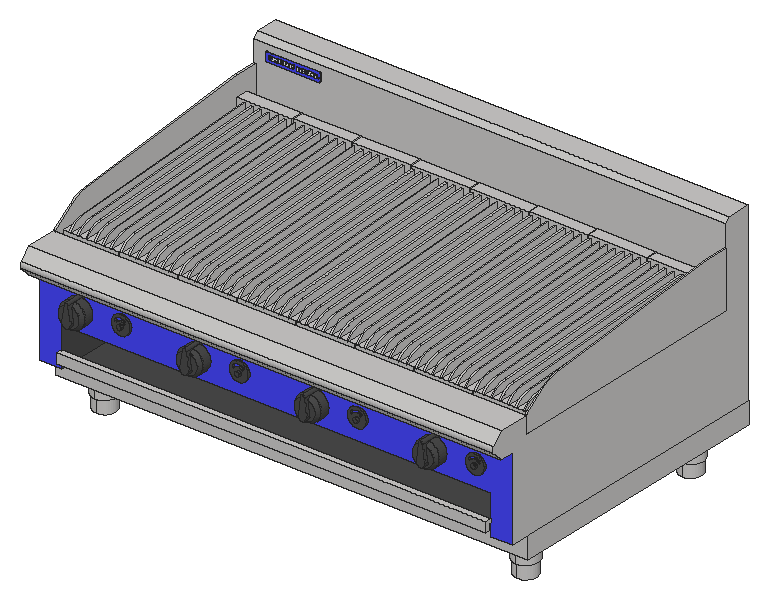
Revit family "QF_MOFFAT_BLUESEAL_CE_G598-B", category Specialty Equipment, Revit 2012
Parameters
  Weight in Pounds = 499  # constant formula
  URL Cutsheet = "www.moffat.com"
  URL = "www.moffat.com"
  Type Mark [instance] = ""
  Status [instance] = ""
  Specification by User [instance] = ""
  Specification by Manufacturer = ""
  Show Logo [instance] = yes
  Show Casters [instance] = yes
  Serial Number = ""
  Seismic Rating = ""
  SMACNA No = ""
  Revision Code [instance] = ""
  Omniclass Number and Title = ""
  NAFEM Spec ID Number = ""
  Model = "G598-B"
  Mechanical Remarks [instance] = ""
  Mechanical Connection Type [instance] = ""
  Masterspec = ""
  Manufacturer = "MOFFAT BLUESEAL"
  Legs [instance] = not(Show Casters)  # no
  Item Number [instance] = ""
  Installed By [instance] = ""
  Identify Quantity as Lot [instance] = yes
  Gas Size = 3/4"
  Gas RI Height [instance] = 0 mm
  Gas KW [instance] = 39.5
  Gas Input [instance] = 134700.0 Btu/h
  Gas Connection Height = 0 mm
  Furnished By [instance] = ""
  Foodservice Equipment Identifier [instance] = yes
  Description = "1200MM GAS CHARGRILL BENCH MOUNT"
  CSI MasterFormat = ""
  CSI Master Format = ""
  Body Finish = QF_Finishes_Stainless Steel
Reference planes
  plane 1 "BACK": y = 0
  plane 2: z = 0
  plane 3 "LEFT": x = 0
  plane 4 "RIGHT": x = 1200
  plane 5 "FRONT": y = -812
  plane 6 "TOP": z = 972
  plane 7 "Center Y": x = 600
  plane 8 "Center X": y = -406
  plane 9: y = -100
  plane 10: y = -625
  plane 11: z = 585
  plane 12: x = 65.5
  plane 13: x = 1134.5
Forms (mm)
  Extrusion 1, solid, material "QF_Finishes_Stainless Steel" <- "Body Finish"
    sketch origin (0, 0, -500) x (0, 1, 0) y (0, 0, 1)
      loop
        line (0, 640) -> (0, 1085) -> (-57.5, 1085) -> (-70, 1072.5) -> (-70, 875) -> (-705, 875) -> (-705, 915) -> (-783.97, 915) -> (-808.485, 890.485)
        arc (-808.485, 890.485) -> (-811.999, 882) -> (-808.485, 873.515) r 12
        line (-808.485, 873.515) -> (-784.97, 850) -> (-749, 850) -> (-749, 640) -> (0, 640)
      loop
        line (0, 585) -> (0, 639.206) -> (-699, 639.206) -> (-699, 585) -> (0, 585)
    from 0 to 1200
  Extrusion 2, solid, material "QF_Finishes_Stainless Steel" <- "Body Finish"
    sketch origin (0, 0, -342.612) x (0, 1, 0) y (0, 0, 1)
      loop
        line (-70, 717) -> (-70, 860.112) -> (-127.045, 860.112) -> (-604.53, 814.135)
        arc (-604.53, 814.135) -> (-629.557, 808.415) -> (-652.303, 796.511) r 100
        line (-652.303, 796.511) -> (-705, 759.612) -> (-705, 717) -> (-70, 717)
    from 0 to 4.5
  Extrusion 3, solid, material "QF_Finishes_Stainless Steel" <- "Body Finish"
    sketch origin (1200, 0, 0) x (0, -1, 0) y (0, 0, 1)
      loop
        line (70, 374.388) -> (705, 374.388) -> (705, 417) -> (652.303, 453.899)
        arc (652.303, 453.899) -> (629.557, 465.803) -> (604.53, 471.523) r 100
        line (604.53, 471.523) -> (127.045, 517.5) -> (70, 517.5) -> (70, 374.388)
    from 0 to 3
  Revolve 4, solid, material "QF_Finishes_Black"
    sketch origin (108, 7, -344.2) x (0, 1, 0) y (0, 0, 1)
      loop
        line (-789, 671.5) -> (-800, 665.651) -> (-800, 639) -> (-756, 639) -> (-756, 644) -> (-766, 644) -> (-766, 671.5) -> (-789, 671.5)
      axis (-800, 639) -> (-756, 639)
    angle from 0 to 360
  Extrusion 5, solid, material "QF_Finishes_Black"
    sketch origin (-30.113, 7, -344.2) x (1, 0, 0) y (0, 0, 1)
      loop
        line (148.532, 628.195) -> (143.111, 671.113)
        arc (143.111, 671.113) -> (138.113, 676) -> (133.114, 671.113) r 5
        line (133.114, 671.113) -> (127.625, 627.028)
        arc (127.625, 627.028) -> (138.697, 616.529) -> (148.532, 628.195) r 10.487
    from 759 to 808
  Extrusion 6, solid, material "QF_Finishes_Stainless Steel"
    sketch origin (276, 0, -342) x (0, 1, 0) y (0, 0, 1)
      loop
        line (-132, 752.364) -> (-132, 804.849) -> (-637.852, 774.53)
        arc (-637.852, 774.53) -> (-663.098, 767.97) -> (-684, 752.364) r 67.81
        line (-684, 752.364) -> (-132, 752.364)
    from 0 to 4.5
  Extrusion 7, solid, material "QF_Finishes_Stainless Steel"
    sketch origin (255, 0, -342) x (0, 1, 0) y (0, 0, 1)
      loop
        line (-132, 752.364) -> (-132, 804.849) -> (-637.852, 774.53)
        arc (-637.852, 774.53) -> (-663.098, 767.97) -> (-684, 752.364) r 67.81
        line (-684, 752.364) -> (-132, 752.364)
    from 0 to 4.5
  Extrusion 8, solid, material "QF_Finishes_Stainless Steel"
    sketch origin (234, 0, -342) x (0, 1, 0) y (0, 0, 1)
      loop
        line (-132, 752.364) -> (-132, 804.849) -> (-637.852, 774.53)
        arc (-637.852, 774.53) -> (-663.098, 767.97) -> (-684, 752.364) r 67.81
        line (-684, 752.364) -> (-132, 752.364)
    from 0 to 4.5
  Extrusion 9, solid, material "QF_Finishes_Stainless Steel"
    sketch origin (213, 0, -342) x (0, 1, 0) y (0, 0, 1)
      loop
        line (-132, 752.364) -> (-132, 804.849) -> (-637.852, 774.53)
        arc (-637.852, 774.53) -> (-663.098, 767.97) -> (-684, 752.364) r 67.81
        line (-684, 752.364) -> (-132, 752.364)
    from 0 to 4.5
  Extrusion 10, solid, material "QF_Finishes_Stainless Steel"
    sketch origin (192, 0, -342) x (0, 1, 0) y (0, 0, 1)
      loop
        line (-132, 752.364) -> (-132, 804.849) -> (-637.852, 774.53)
        arc (-637.852, 774.53) -> (-663.098, 767.97) -> (-684, 752.364) r 67.81
        line (-684, 752.364) -> (-132, 752.364)
    from 0 to 4.5
  Extrusion 11, solid, material "QF_Finishes_Stainless Steel"
    sketch origin (171, 0, -342) x (0, 1, 0) y (0, 0, 1)
      loop
        line (-132, 752.364) -> (-132, 804.849) -> (-637.852, 774.53)
        arc (-637.852, 774.53) -> (-663.098, 767.97) -> (-684, 752.364) r 67.81
        line (-684, 752.364) -> (-132, 752.364)
    from 0 to 4.5
  Extrusion 12, solid, material "QF_Finishes_Stainless Steel"
    sketch origin (150, 0, -342) x (0, 1, 0) y (0, 0, 1)
      loop
        line (-132, 752.364) -> (-132, 804.849) -> (-637.852, 774.53)
        arc (-637.852, 774.53) -> (-663.098, 767.97) -> (-684, 752.364) r 67.81
        line (-684, 752.364) -> (-132, 752.364)
    from 0 to 4.5
  Extrusion 13, solid, material "QF_Finishes_Stainless Steel"
    sketch origin (126, 0, -342) x (0, 1, 0) y (0, 0, 1)
      loop
        line (-132, 752.364) -> (-132, 804.849) -> (-637.852, 774.53)
        arc (-637.852, 774.53) -> (-663.098, 767.97) -> (-684, 752.364) r 67.81
        line (-684, 752.364) -> (-132, 752.364)
    from 0 to 4.5
  Extrusion 14, solid, material "QF_Finishes_Stainless Steel"
    sketch origin (105, 0, -342) x (0, 1, 0) y (0, 0, 1)
      loop
        line (-132, 752.364) -> (-132, 804.849) -> (-637.852, 774.53)
        arc (-637.852, 774.53) -> (-663.098, 767.97) -> (-684, 752.364) r 67.81
        line (-684, 752.364) -> (-132, 752.364)
    from 0 to 4.5
  Extrusion 15, solid, material "QF_Finishes_Stainless Steel"
    sketch origin (84, 0, -342) x (0, 1, 0) y (0, 0, 1)
      loop
        line (-132, 752.364) -> (-132, 804.849) -> (-637.852, 774.53)
        arc (-637.852, 774.53) -> (-663.098, 767.97) -> (-684, 752.364) r 67.81
        line (-684, 752.364) -> (-132, 752.364)
    from 0 to 4.5
  Extrusion 16, solid, material "QF_Finishes_Stainless Steel"
    sketch origin (63, 0, -342) x (0, 1, 0) y (0, 0, 1)
      loop
        line (-132, 752.364) -> (-132, 804.849) -> (-637.852, 774.53)
        arc (-637.852, 774.53) -> (-663.098, 767.97) -> (-684, 752.364) r 67.81
        line (-684, 752.364) -> (-132, 752.364)
    from 0 to 4.5
  Extrusion 17, solid, material "QF_Finishes_Stainless Steel"
    sketch origin (42, 0, -342) x (0, 1, 0) y (0, 0, 1)
      loop
        line (-132, 752.364) -> (-132, 804.849) -> (-637.852, 774.53)
        arc (-637.852, 774.53) -> (-663.098, 767.97) -> (-684, 752.364) r 67.81
        line (-684, 752.364) -> (-132, 752.364)
    from 0 to 4.5
  Extrusion 18, solid, material "QF_Finishes_Stainless Steel"
    sketch origin (21, 0, -342) x (0, 1, 0) y (0, 0, 1)
      loop
        line (-132, 752.364) -> (-132, 804.849) -> (-637.852, 774.53)
        arc (-637.852, 774.53) -> (-663.098, 767.97) -> (-684, 752.364) r 67.81
        line (-684, 752.364) -> (-132, 752.364)
    from 0 to 4.5
  Extrusion 19, solid, material "QF_Finishes_Stainless Steel"
    sketch origin (426, 0, -342) x (0, 1, 0) y (0, 0, 1)
      loop
        line (-132, 752.364) -> (-132, 804.849) -> (-637.852, 774.53)
        arc (-637.852, 774.53) -> (-663.098, 767.97) -> (-684, 752.364) r 67.81
        line (-684, 752.364) -> (-132, 752.364)
    from 0 to 4.5
  Extrusion 20, solid, material "QF_Finishes_Stainless Steel"
    sketch origin (405, 0, -342) x (0, 1, 0) y (0, 0, 1)
      loop
        line (-132, 752.364) -> (-132, 804.849) -> (-637.852, 774.53)
        arc (-637.852, 774.53) -> (-663.098, 767.97) -> (-684, 752.364) r 67.81
        line (-684, 752.364) -> (-132, 752.364)
    from 0 to 4.5
  Extrusion 21, solid, material "QF_Finishes_Stainless Steel"
    sketch origin (384, 0, -342) x (0, 1, 0) y (0, 0, 1)
      loop
        line (-132, 752.364) -> (-132, 804.849) -> (-637.852, 774.53)
        arc (-637.852, 774.53) -> (-663.098, 767.97) -> (-684, 752.364) r 67.81
        line (-684, 752.364) -> (-132, 752.364)
    from 0 to 4.5
  Extrusion 22, solid, material "QF_Finishes_Stainless Steel"
    sketch origin (363, 0, -342) x (0, 1, 0) y (0, 0, 1)
      loop
        line (-132, 752.364) -> (-132, 804.849) -> (-637.852, 774.53)
        arc (-637.852, 774.53) -> (-663.098, 767.97) -> (-684, 752.364) r 67.81
        line (-684, 752.364) -> (-132, 752.364)
    from 0 to 4.5
  Extrusion 23, solid, material "QF_Finishes_Stainless Steel"
    sketch origin (342, 0, -342) x (0, 1, 0) y (0, 0, 1)
      loop
        line (-132, 752.364) -> (-132, 804.849) -> (-637.852, 774.53)
        arc (-637.852, 774.53) -> (-663.098, 767.97) -> (-684, 752.364) r 67.81
        line (-684, 752.364) -> (-132, 752.364)
    from 0 to 4.5
  Extrusion 24, solid, material "QF_Finishes_Stainless Steel"
    sketch origin (321, 0, -342) x (0, 1, 0) y (0, 0, 1)
      loop
        line (-132, 752.364) -> (-132, 804.849) -> (-637.852, 774.53)
        arc (-637.852, 774.53) -> (-663.098, 767.97) -> (-684, 752.364) r 67.81
        line (-684, 752.364) -> (-132, 752.364)
    from 0 to 4.5
  Extrusion 25, solid, material "QF_Finishes_Stainless Steel"
    sketch origin (300, 0, -342) x (0, 1, 0) y (0, 0, 1)
      loop
        line (-132, 752.364) -> (-132, 804.849) -> (-637.852, 774.53)
        arc (-637.852, 774.53) -> (-663.098, 767.97) -> (-684, 752.364) r 67.81
        line (-684, 752.364) -> (-132, 752.364)
    from 0 to 4.5
  Extrusion 26, solid, material "QF_Finishes_Stainless Steel"
    sketch origin (576, 0, -342) x (0, 1, 0) y (0, 0, 1)
      loop
        line (-132, 752.364) -> (-132, 804.849) -> (-637.852, 774.53)
        arc (-637.852, 774.53) -> (-663.098, 767.97) -> (-684, 752.364) r 67.81
        line (-684, 752.364) -> (-132, 752.364)
    from 0 to 4.5
  Extrusion 27, solid, material "QF_Finishes_Stainless Steel"
    sketch origin (555, 0, -342) x (0, 1, 0) y (0, 0, 1)
      loop
        line (-132, 752.364) -> (-132, 804.849) -> (-637.852, 774.53)
        arc (-637.852, 774.53) -> (-663.098, 767.97) -> (-684, 752.364) r 67.81
        line (-684, 752.364) -> (-132, 752.364)
    from 0 to 4.5
  Extrusion 28, solid, material "QF_Finishes_Stainless Steel"
    sketch origin (534, 0, -342) x (0, 1, 0) y (0, 0, 1)
      loop
        line (-132, 752.364) -> (-132, 804.849) -> (-637.852, 774.53)
        arc (-637.852, 774.53) -> (-663.098, 767.97) -> (-684, 752.364) r 67.81
        line (-684, 752.364) -> (-132, 752.364)
    from 0 to 4.5
  Extrusion 29, solid, material "QF_Finishes_Stainless Steel"
    sketch origin (513, 0, -342) x (0, 1, 0) y (0, 0, 1)
      loop
        line (-132, 752.364) -> (-132, 804.849) -> (-637.852, 774.53)
        arc (-637.852, 774.53) -> (-663.098, 767.97) -> (-684, 752.364) r 67.81
        line (-684, 752.364) -> (-132, 752.364)
    from 0 to 4.5
  Extrusion 30, solid, material "QF_Finishes_Stainless Steel"
    sketch origin (492, 0, -342) x (0, 1, 0) y (0, 0, 1)
      loop
        line (-132, 752.364) -> (-132, 804.849) -> (-637.852, 774.53)
        arc (-637.852, 774.53) -> (-663.098, 767.97) -> (-684, 752.364) r 67.81
        line (-684, 752.364) -> (-132, 752.364)
    from 0 to 4.5
  Extrusion 31, solid, material "QF_Finishes_Stainless Steel"
    sketch origin (471, 0, -342) x (0, 1, 0) y (0, 0, 1)
      loop
        line (-132, 752.364) -> (-132, 804.849) -> (-637.852, 774.53)
        arc (-637.852, 774.53) -> (-663.098, 767.97) -> (-684, 752.364) r 67.81
        line (-684, 752.364) -> (-132, 752.364)
    from 0 to 4.5
  Extrusion 32, solid, material "QF_Finishes_Stainless Steel"
    sketch origin (450, 0, -342) x (0, 1, 0) y (0, 0, 1)
      loop
        line (-132, 752.364) -> (-132, 804.849) -> (-637.852, 774.53)
        arc (-637.852, 774.53) -> (-663.098, 767.97) -> (-684, 752.364) r 67.81
        line (-684, 752.364) -> (-132, 752.364)
    from 0 to 4.5
  Extrusion 33, solid, material "QF_Finishes_Stainless Steel"
    sketch origin (0, 3, -500) x (1, 0, 0) y (0, 1, 0)
      loop
        circle (216, -37) r 13.5
    from 553 to 585
  Extrusion 34, solid, material "QF_Finishes_Stainless Steel"
    sketch origin (0, 0, -342) x (0, 1, 0) y (0, 0, 1)
      loop
        line (-132, 752.364) -> (-684, 752.364) -> (-684, 717) -> (-102, 717) -> (-102, 812) -> (-132, 812) -> (-132, 752.364)
    from 4.5 to 147
  Extrusion 35, solid, material "QF_Finishes_Stainless Steel"
    sketch origin (145.5, 0, -342) x (0, 1, 0) y (0, 0, 1)
      loop
        line (-132, 752.364) -> (-684, 752.364) -> (-684, 717) -> (-102, 717) -> (-102, 812) -> (-132, 812) -> (-132, 752.364)
    from 4.5 to 151.5
  Extrusion 36, solid, material "QF_Finishes_Stainless Steel"
    sketch origin (295.5, 0, -342) x (0, 1, 0) y (0, 0, 1)
      loop
        line (-132, 752.364) -> (-684, 752.364) -> (-684, 717) -> (-102, 717) -> (-102, 812) -> (-132, 812) -> (-132, 752.364)
    from 4.5 to 151.5
  Extrusion 37, solid, material "QF_Finishes_Stainless Steel"
    sketch origin (445.5, 0, -342) x (0, 1, 0) y (0, 0, 1)
      loop
        line (-132, 752.364) -> (-684, 752.364) -> (-684, 717) -> (-102, 717) -> (-102, 812) -> (-132, 812) -> (-132, 752.364)
    from 4.5 to 151.5
  Extrusion 38, solid, material "QF_Finishes_Black"
    sketch origin (0, -749, 350) x (0, 0, -1) y (1, 0, 0)
      loop
        circle (55.799, 208) r 23.9
      loop
        arc (48.44, 216.419) -> (49.3, 221.219) -> (44.5, 222.079) r 3.448
        arc (44.5, 222.079) -> (37.915, 207.341) -> (45.718, 193.209) r 18.095
        arc (45.718, 193.209) -> (50.44, 194.491) -> (49.125, 199.204) r 3.448
        arc (49.125, 199.204) -> (45.557, 207.683) -> (48.44, 216.419) r 13.109
      loop
        circle (55.799, 1108) r 23.9
      loop
        arc (44.5, 1122.079) -> (37.915, 1107.341) -> (45.718, 1093.209) r 18.095
        arc (45.718, 1093.209) -> (50.44, 1094.491) -> (49.125, 1099.204) r 3.448
        arc (49.125, 1099.204) -> (45.557, 1107.683) -> (48.44, 1116.419) r 13.109
        arc (48.44, 1116.419) -> (49.3, 1121.219) -> (44.5, 1122.079) r 3.448
      loop
        circle (55.799, 508) r 23.9
      loop
        arc (44.5, 522.079) -> (37.915, 507.341) -> (45.718, 493.209) r 18.095
        arc (45.718, 493.209) -> (50.44, 494.491) -> (49.125, 499.204) r 3.448
        arc (49.125, 499.204) -> (45.557, 507.683) -> (48.44, 516.419) r 13.109
        arc (48.44, 516.419) -> (49.3, 521.219) -> (44.5, 522.079) r 3.448
      loop
        circle (55.799, 808) r 23.9
      loop
        arc (48.44, 816.419) -> (49.3, 821.219) -> (44.5, 822.079) r 3.448
        arc (44.5, 822.079) -> (37.915, 807.341) -> (45.718, 793.209) r 18.095
        arc (45.718, 793.209) -> (50.44, 794.491) -> (49.125, 799.204) r 3.448
        arc (49.125, 799.204) -> (45.557, 807.683) -> (48.44, 816.419) r 13.109
    from 0 to 4
  Extrusion 39, solid, material "QF_Finishes_Black"
    sketch origin (0, -753, 350) x (0, 0, -1) y (1, 0, 0)
      loop
        circle (59.299, 208) r 5.75
      loop
        circle (59.299, 508) r 5.75
      loop
        circle (59.299, 808) r 5.75
      loop
        circle (59.299, 1108) r 5.75
    from 0 to 5
  Revolve 40, solid, material "QF_Finishes_Black"
    sketch origin (408, 7, -344.2) x (0, 1, 0) y (0, 0, 1)
      loop
        line (-789, 671.5) -> (-800, 665.651) -> (-800, 639) -> (-756, 639) -> (-756, 644) -> (-766, 644) -> (-766, 671.5) -> (-789, 671.5)
      axis (-800, 639) -> (-756, 639)
    angle from 0 to 360
  Extrusion 41, solid, material "QF_Finishes_Black"
    sketch origin (269.887, 7, -344.2) x (1, 0, 0) y (0, 0, 1)
      loop
        line (148.532, 628.195) -> (143.111, 671.113)
        arc (143.111, 671.113) -> (138.113, 676) -> (133.114, 671.113) r 5
        line (133.114, 671.113) -> (127.625, 627.028)
        arc (127.625, 627.028) -> (138.697, 616.529) -> (148.532, 628.195) r 10.487
    from 759 to 808
  Extrusion 42, void
    sketch origin (0, -749, 350) x (0, 0, 1) y (1, 0, 0)
      loop
        line (-210, 1145) -> (-210, 55) -> (-110, 55) -> (-110, 1145) -> (-210, 1145)
    from 0 to 250
  Extrusion 43, solid, material "QF_Finishes_Stainless Steel"
    sketch origin (55, -749, 140) x (0, 0, 1) y (0, -1, 0)
      loop
        line (16.797, 15.924) -> (16.797, 5.924) -> (31.797, 5.924) -> (31.797, -31.346) -> (0, -31.346) -> (0, -50) -> (41.797, -50) -> (41.797, 15.924) -> (16.797, 15.924)
    from 0 to 1090
  Revolve 44, solid, material "QF_Finishes_Stainless Steel" <- "Body Finish"
    sketch origin (1134.5, -735, 0) x (0, 1, 0) y (0, 0, -1)
      loop
        line (78.25, -85) -> (110, -85) -> (110, 0) -> (82.5, 0) -> (82.5, -35) -> (78.25, -35) -> (78.25, -85)
      axis (110, -85) -> (110, 0)
    angle from 0 to 360
  Revolve 45, solid, material "QF_Finishes_Stainless Steel" <- "Body Finish"
    sketch origin (1134.5, -210, 0) x (0, 1, 0) y (0, 0, -1)
      loop
        line (78.25, -85) -> (110, -85) -> (110, 0) -> (82.5, 0) -> (82.5, -35) -> (78.25, -35) -> (78.25, -85)
      axis (110, -85) -> (110, 0)
    angle from 0 to 360
  Revolve 46, solid, material "QF_Finishes_Stainless Steel" <- "Body Finish"
    sketch origin (65.5, -735, 0) x (0, 1, 0) y (0, 0, 1)
      loop
        line (78.25, 85) -> (78.25, 35) -> (82.5, 35) -> (82.5, 0) -> (110, 0) -> (110, 85) -> (78.25, 85)
      axis (110, 85) -> (110, 0)
    angle from 0 to 360
  Revolve 47, solid, material "QF_Finishes_Stainless Steel" <- "Body Finish"
    sketch origin (65.5, -210, 0) x (0, 1, 0) y (0, 0, 1)
      loop
        line (78.25, 85) -> (78.25, 35) -> (82.5, 35) -> (82.5, 0) -> (110, 0) -> (110, 85) -> (78.25, 85)
      axis (110, 85) -> (110, 0)
    angle from 0 to 360
  Extrusion 48, solid, material "QF_Finishes_Stainless Steel"
    sketch origin (726, 0, -342) x (0, 1, 0) y (0, 0, 1)
      loop
        line (-132, 752.364) -> (-132, 804.849) -> (-637.852, 774.53)
        arc (-637.852, 774.53) -> (-663.098, 767.97) -> (-684, 752.364) r 67.81
        line (-684, 752.364) -> (-132, 752.364)
    from 0 to 4.5
  Extrusion 49, solid, material "QF_Finishes_Stainless Steel"
    sketch origin (705, 0, -342) x (0, 1, 0) y (0, 0, 1)
      loop
        line (-132, 752.364) -> (-132, 804.849) -> (-637.852, 774.53)
        arc (-637.852, 774.53) -> (-663.098, 767.97) -> (-684, 752.364) r 67.81
        line (-684, 752.364) -> (-132, 752.364)
    from 0 to 4.5
  Extrusion 50, solid, material "QF_Finishes_Stainless Steel"
    sketch origin (684, 0, -342) x (0, 1, 0) y (0, 0, 1)
      loop
        line (-132, 752.364) -> (-132, 804.849) -> (-637.852, 774.53)
        arc (-637.852, 774.53) -> (-663.098, 767.97) -> (-684, 752.364) r 67.81
        line (-684, 752.364) -> (-132, 752.364)
    from 0 to 4.5
  Extrusion 51, solid, material "QF_Finishes_Stainless Steel"
    sketch origin (663, 0, -342) x (0, 1, 0) y (0, 0, 1)
      loop
        line (-132, 752.364) -> (-132, 804.849) -> (-637.852, 774.53)
        arc (-637.852, 774.53) -> (-663.098, 767.97) -> (-684, 752.364) r 67.81
        line (-684, 752.364) -> (-132, 752.364)
    from 0 to 4.5
  Extrusion 52, solid, material "QF_Finishes_Stainless Steel"
    sketch origin (642, 0, -342) x (0, 1, 0) y (0, 0, 1)
      loop
        line (-132, 752.364) -> (-132, 804.849) -> (-637.852, 774.53)
        arc (-637.852, 774.53) -> (-663.098, 767.97) -> (-684, 752.364) r 67.81
        line (-684, 752.364) -> (-132, 752.364)
    from 0 to 4.5
  Extrusion 53, solid, material "QF_Finishes_Stainless Steel"
    sketch origin (621, 0, -342) x (0, 1, 0) y (0, 0, 1)
      loop
        line (-132, 752.364) -> (-132, 804.849) -> (-637.852, 774.53)
        arc (-637.852, 774.53) -> (-663.098, 767.97) -> (-684, 752.364) r 67.81
        line (-684, 752.364) -> (-132, 752.364)
    from 0 to 4.5
  Extrusion 54, solid, material "QF_Finishes_Stainless Steel"
    sketch origin (600, 0, -342) x (0, 1, 0) y (0, 0, 1)
      loop
        line (-132, 752.364) -> (-132, 804.849) -> (-637.852, 774.53)
        arc (-637.852, 774.53) -> (-663.098, 767.97) -> (-684, 752.364) r 67.81
        line (-684, 752.364) -> (-132, 752.364)
    from 0 to 4.5
  Extrusion 55, solid, material "QF_Finishes_Stainless Steel"
    sketch origin (595.5, 0, -342) x (0, 1, 0) y (0, 0, 1)
      loop
        line (-132, 752.364) -> (-684, 752.364) -> (-684, 717) -> (-102, 717) -> (-102, 812) -> (-132, 812) -> (-132, 752.364)
    from 4.5 to 151.5
  Extrusion 56, solid, material "QF_Finishes_Stainless Steel"
    sketch origin (876, 0, -342) x (0, 1, 0) y (0, 0, 1)
      loop
        line (-132, 752.364) -> (-132, 804.849) -> (-637.852, 774.53)
        arc (-637.852, 774.53) -> (-663.098, 767.97) -> (-684, 752.364) r 67.81
        line (-684, 752.364) -> (-132, 752.364)
    from 0 to 4.5
  Extrusion 57, solid, material "QF_Finishes_Stainless Steel"
    sketch origin (855, 0, -342) x (0, 1, 0) y (0, 0, 1)
      loop
        line (-132, 752.364) -> (-132, 804.849) -> (-637.852, 774.53)
        arc (-637.852, 774.53) -> (-663.098, 767.97) -> (-684, 752.364) r 67.81
        line (-684, 752.364) -> (-132, 752.364)
    from 0 to 4.5
  Extrusion 58, solid, material "QF_Finishes_Stainless Steel"
    sketch origin (834, 0, -342) x (0, 1, 0) y (0, 0, 1)
      loop
        line (-132, 752.364) -> (-132, 804.849) -> (-637.852, 774.53)
        arc (-637.852, 774.53) -> (-663.098, 767.97) -> (-684, 752.364) r 67.81
        line (-684, 752.364) -> (-132, 752.364)
    from 0 to 4.5
  Extrusion 59, solid, material "QF_Finishes_Stainless Steel"
    sketch origin (813, 0, -342) x (0, 1, 0) y (0, 0, 1)
      loop
        line (-132, 752.364) -> (-132, 804.849) -> (-637.852, 774.53)
        arc (-637.852, 774.53) -> (-663.098, 767.97) -> (-684, 752.364) r 67.81
        line (-684, 752.364) -> (-132, 752.364)
    from 0 to 4.5
  Extrusion 60, solid, material "QF_Finishes_Stainless Steel"
    sketch origin (792, 0, -342) x (0, 1, 0) y (0, 0, 1)
      loop
        line (-132, 752.364) -> (-132, 804.849) -> (-637.852, 774.53)
        arc (-637.852, 774.53) -> (-663.098, 767.97) -> (-684, 752.364) r 67.81
        line (-684, 752.364) -> (-132, 752.364)
    from 0 to 4.5
  Extrusion 61, solid, material "QF_Finishes_Stainless Steel"
    sketch origin (771, 0, -342) x (0, 1, 0) y (0, 0, 1)
      loop
        line (-132, 752.364) -> (-132, 804.849) -> (-637.852, 774.53)
        arc (-637.852, 774.53) -> (-663.098, 767.97) -> (-684, 752.364) r 67.81
        line (-684, 752.364) -> (-132, 752.364)
    from 0 to 4.5
  Extrusion 62, solid, material "QF_Finishes_Stainless Steel"
    sketch origin (750, 0, -342) x (0, 1, 0) y (0, 0, 1)
      loop
        line (-132, 752.364) -> (-132, 804.849) -> (-637.852, 774.53)
        arc (-637.852, 774.53) -> (-663.098, 767.97) -> (-684, 752.364) r 67.81
        line (-684, 752.364) -> (-132, 752.364)
    from 0 to 4.5
  Extrusion 63, solid, material "QF_Finishes_Stainless Steel"
    sketch origin (745.5, 0, -342) x (0, 1, 0) y (0, 0, 1)
      loop
        line (-132, 752.364) -> (-684, 752.364) -> (-684, 717) -> (-102, 717) -> (-102, 812) -> (-132, 812) -> (-132, 752.364)
    from 4.5 to 151.5
  Revolve 64, solid, material "QF_Finishes_Black"
    sketch origin (708, 7, -344.2) x (0, 1, 0) y (0, 0, 1)
      loop
        line (-789, 671.5) -> (-800, 665.651) -> (-800, 639) -> (-756, 639) -> (-756, 644) -> (-766, 644) -> (-766, 671.5) -> (-789, 671.5)
      axis (-800, 639) -> (-756, 639)
    angle from 0 to 360
  Extrusion 65, solid, material "QF_Finishes_Black"
    sketch origin (569.887, 7, -344.2) x (1, 0, 0) y (0, 0, 1)
      loop
        line (148.532, 628.195) -> (143.111, 671.113)
        arc (143.111, 671.113) -> (138.113, 676) -> (133.114, 671.113) r 5
        line (133.114, 671.113) -> (127.625, 627.028)
        arc (127.625, 627.028) -> (138.697, 616.529) -> (148.532, 628.195) r 10.487
    from 759 to 808
  Extrusion 66, solid, material "QF_Finishes_Stainless Steel"
    sketch origin (1026, 0, -342) x (0, 1, 0) y (0, 0, 1)
      loop
        line (-132, 752.364) -> (-132, 804.849) -> (-637.852, 774.53)
        arc (-637.852, 774.53) -> (-663.098, 767.97) -> (-684, 752.364) r 67.81
        line (-684, 752.364) -> (-132, 752.364)
    from 0 to 4.5
  Extrusion 67, solid, material "QF_Finishes_Stainless Steel"
    sketch origin (1005, 0, -342) x (0, 1, 0) y (0, 0, 1)
      loop
        line (-132, 752.364) -> (-132, 804.849) -> (-637.852, 774.53)
        arc (-637.852, 774.53) -> (-663.098, 767.97) -> (-684, 752.364) r 67.81
        line (-684, 752.364) -> (-132, 752.364)
    from 0 to 4.5
  Extrusion 68, solid, material "QF_Finishes_Stainless Steel"
    sketch origin (984, 0, -342) x (0, 1, 0) y (0, 0, 1)
      loop
        line (-132, 752.364) -> (-132, 804.849) -> (-637.852, 774.53)
        arc (-637.852, 774.53) -> (-663.098, 767.97) -> (-684, 752.364) r 67.81
        line (-684, 752.364) -> (-132, 752.364)
    from 0 to 4.5
  Extrusion 69, solid, material "QF_Finishes_Stainless Steel"
    sketch origin (895.5, 0, -342) x (0, 1, 0) y (0, 0, 1)
      loop
        line (-132, 752.364) -> (-684, 752.364) -> (-684, 717) -> (-102, 717) -> (-102, 812) -> (-132, 812) -> (-132, 752.364)
    from 4.5 to 151.5
  Extrusion 70, solid, material "QF_Finishes_Stainless Steel"
    sketch origin (1176, 0, -342) x (0, 1, 0) y (0, 0, 1)
      loop
        line (-132, 752.364) -> (-132, 804.849) -> (-637.852, 774.53)
        arc (-637.852, 774.53) -> (-663.098, 767.97) -> (-684, 752.364) r 67.81
        line (-684, 752.364) -> (-132, 752.364)
    from 0 to 4.5
  Extrusion 71, solid, material "QF_Finishes_Stainless Steel"
    sketch origin (1155, 0, -342) x (0, 1, 0) y (0, 0, 1)
      loop
        line (-132, 752.364) -> (-132, 804.849) -> (-637.852, 774.53)
        arc (-637.852, 774.53) -> (-663.098, 767.97) -> (-684, 752.364) r 67.81
        line (-684, 752.364) -> (-132, 752.364)
    from 0 to 4.5
  Extrusion 72, solid, material "QF_Finishes_Stainless Steel"
    sketch origin (1134, 0, -342) x (0, 1, 0) y (0, 0, 1)
      loop
        line (-132, 752.364) -> (-132, 804.849) -> (-637.852, 774.53)
        arc (-637.852, 774.53) -> (-663.098, 767.97) -> (-684, 752.364) r 67.81
        line (-684, 752.364) -> (-132, 752.364)
    from 0 to 4.5
  Extrusion 73, solid, material "QF_Finishes_Stainless Steel"
    sketch origin (1113, 0, -342) x (0, 1, 0) y (0, 0, 1)
      loop
        line (-132, 752.364) -> (-132, 804.849) -> (-637.852, 774.53)
        arc (-637.852, 774.53) -> (-663.098, 767.97) -> (-684, 752.364) r 67.81
        line (-684, 752.364) -> (-132, 752.364)
    from 0 to 4.5
  Extrusion 74, solid, material "QF_Finishes_Stainless Steel"
    sketch origin (1092, 0, -342) x (0, 1, 0) y (0, 0, 1)
      loop
        line (-132, 752.364) -> (-132, 804.849) -> (-637.852, 774.53)
        arc (-637.852, 774.53) -> (-663.098, 767.97) -> (-684, 752.364) r 67.81
        line (-684, 752.364) -> (-132, 752.364)
    from 0 to 4.5
  Extrusion 75, solid, material "QF_Finishes_Stainless Steel"
    sketch origin (1071, 0, -342) x (0, 1, 0) y (0, 0, 1)
      loop
        line (-132, 752.364) -> (-132, 804.849) -> (-637.852, 774.53)
        arc (-637.852, 774.53) -> (-663.098, 767.97) -> (-684, 752.364) r 67.81
        line (-684, 752.364) -> (-132, 752.364)
    from 0 to 4.5
  Extrusion 76, solid, material "QF_Finishes_Stainless Steel"
    sketch origin (1050, 0, -342) x (0, 1, 0) y (0, 0, 1)
      loop
        line (-132, 752.364) -> (-132, 804.849) -> (-637.852, 774.53)
        arc (-637.852, 774.53) -> (-663.098, 767.97) -> (-684, 752.364) r 67.81
        line (-684, 752.364) -> (-132, 752.364)
    from 0 to 4.5
  Extrusion 77, solid, material "QF_Finishes_Stainless Steel"
    sketch origin (1045.5, 0, -342) x (0, 1, 0) y (0, 0, 1)
      loop
        line (-132, 752.364) -> (-684, 752.364) -> (-684, 717) -> (-102, 717) -> (-102, 812) -> (-132, 812) -> (-132, 752.364)
    from 4.5 to 151.5
  Extrusion 78, solid, material "QF_Finishes_Stainless Steel"
    sketch origin (963, 0, -342) x (0, 1, 0) y (0, 0, 1)
      loop
        line (-132, 752.364) -> (-132, 804.849) -> (-637.852, 774.53)
        arc (-637.852, 774.53) -> (-663.098, 767.97) -> (-684, 752.364) r 67.81
        line (-684, 752.364) -> (-132, 752.364)
    from 0 to 4.5
  Extrusion 79, solid, material "QF_Finishes_Stainless Steel"
    sketch origin (942, 0, -342) x (0, 1, 0) y (0, 0, 1)
      loop
        line (-132, 752.364) -> (-132, 804.849) -> (-637.852, 774.53)
        arc (-637.852, 774.53) -> (-663.098, 767.97) -> (-684, 752.364) r 67.81
        line (-684, 752.364) -> (-132, 752.364)
    from 0 to 4.5
  Extrusion 80, solid, material "QF_Finishes_Stainless Steel"
    sketch origin (921, 0, -342) x (0, 1, 0) y (0, 0, 1)
      loop
        line (-132, 752.364) -> (-132, 804.849) -> (-637.852, 774.53)
        arc (-637.852, 774.53) -> (-663.098, 767.97) -> (-684, 752.364) r 67.81
        line (-684, 752.364) -> (-132, 752.364)
    from 0 to 4.5
  Extrusion 81, solid, material "QF_Finishes_Stainless Steel"
    sketch origin (900, 0, -342) x (0, 1, 0) y (0, 0, 1)
      loop
        line (-132, 752.364) -> (-132, 804.849) -> (-637.852, 774.53)
        arc (-637.852, 774.53) -> (-663.098, 767.97) -> (-684, 752.364) r 67.81
        line (-684, 752.364) -> (-132, 752.364)
    from 0 to 4.5
  Revolve 82, solid, material "QF_Finishes_Black"
    sketch origin (1008, 7, -344.2) x (0, 1, 0) y (0, 0, 1)
      loop
        line (-789, 671.5) -> (-800, 665.651) -> (-800, 639) -> (-756, 639) -> (-756, 644) -> (-766, 644) -> (-766, 671.5) -> (-789, 671.5)
      axis (-800, 639) -> (-756, 639)
    angle from 0 to 360
  Extrusion 83, solid, material "QF_Finishes_Black"
    sketch origin (869.888, 7, -344.2) x (1, 0, 0) y (0, 0, 1)
      loop
        line (148.532, 628.195) -> (143.111, 671.113)
        arc (143.111, 671.113) -> (138.113, 676) -> (133.114, 671.113) r 5
        line (133.114, 671.113) -> (127.625, 627.028)
        arc (127.625, 627.028) -> (138.697, 616.529) -> (148.532, 628.195) r 10.487
    from 759 to 808
Cuts and joins
  Extrusion 42 cuts Extrusion 1
  Extrusion 42 cuts Extrusion 43
Lines and regions (mm)
  Split face 1
    outline origin (600, 0, 585) x (-1, 0, 0) y (0, -1, 0)
      loop
        arc (556, 18.185) -> (564.66, 23.185) -> (564.66, 33.185) r 10
        line (564.66, 33.185) -> (560.619, 40.185)
        arc (560.619, 40.185) -> (556.959, 43.845) -> (551.959, 45.185) r 10
        line (551.959, 45.185) -> (324, 45.185)
        arc (324, 45.185) -> (315.34, 40.185) -> (315.34, 30.185) r 10
        line (315.34, 30.185) -> (319.381, 23.185)
        arc (319.381, 23.185) -> (323.041, 19.525) -> (328.041, 18.185) r 10
        line (328.041, 18.185) -> (556, 18.185)
  Split face 2
    outline origin (600, 0, 585) x (-1, 0, 0) y (0, -1, 0)
      loop
        arc (-344, 18.185) -> (-335.34, 23.185) -> (-335.34, 33.185) r 10
        line (-335.34, 33.185) -> (-339.381, 40.185)
        arc (-339.381, 40.185) -> (-343.041, 43.845) -> (-348.041, 45.185) r 10
        line (-348.041, 45.185) -> (-576, 45.185)
        arc (-576, 45.185) -> (-584.66, 40.185) -> (-584.66, 30.185) r 10
        line (-584.66, 30.185) -> (-580.619, 23.185)
        arc (-580.619, 23.185) -> (-576.959, 19.525) -> (-571.959, 18.185) r 10
        line (-571.959, 18.185) -> (-344, 18.185)
  Split face 3
    outline origin (892.021, 0, 585) x (-1, 0, 0) y (0, -1, 0)
      loop
        arc (256, 18.185) -> (264.66, 23.185) -> (264.66, 33.185) r 10
        line (264.66, 33.185) -> (260.619, 40.185)
        arc (260.619, 40.185) -> (256.959, 43.845) -> (251.959, 45.185) r 10
        line (251.959, 45.185) -> (24, 45.185)
        arc (24, 45.185) -> (15.34, 40.185) -> (15.34, 30.185) r 10
        line (15.34, 30.185) -> (19.381, 23.185)
        arc (19.381, 23.185) -> (23.041, 19.525) -> (28.041, 18.185) r 10
        line (28.041, 18.185) -> (256, 18.185)
  Split face 4
    outline origin (584.041, 0, 585) x (-1, 0, 0) y (0, -1, 0)
      loop
        arc (256, 18.185) -> (264.66, 23.185) -> (264.66, 33.185) r 10
        line (264.66, 33.185) -> (260.619, 40.185)
        arc (260.619, 40.185) -> (256.959, 43.845) -> (251.959, 45.185) r 10
        line (251.959, 45.185) -> (24, 45.185)
        arc (24, 45.185) -> (15.34, 40.185) -> (15.34, 30.185) r 10
        line (15.34, 30.185) -> (19.381, 23.185)
        arc (19.381, 23.185) -> (23.041, 19.525) -> (28.041, 18.185) r 10
        line (28.041, 18.185) -> (256, 18.185)
  symbolic lines
    curve 1: line (271.959, -18.185, 0) -> (44, -18.185, 0)
    curve 2: arc (44, -18.185, 0) -> (35.34, -23.185, 0) -> (35.34, -33.185, 0) r 10
    curve 3: line (35.34, -33.185, 0) -> (39.381, -40.185, 0)
    curve 4: arc (39.381, -40.185, 0) -> (43.041, -43.845, 0) -> (48.041, -45.185, 0) r 10
    curve 5: line (48.041, -45.185, 0) -> (276, -45.185, 0)
    curve 6: arc (276, -45.185, 0) -> (284.66, -40.185, 0) -> (284.66, -30.185, 0) r 10
    curve 7: line (284.66, -30.185, 0) -> (280.619, -23.185, 0)
    curve 8: arc (280.619, -23.185, 0) -> (276.959, -19.525, 0) -> (271.959, -18.185, 0) r 10
    curve 9: line (328.041, -18.185, 0) -> (556, -18.185, 0)
    curve 10: arc (556, -18.185, 0) -> (561, -19.525, 0) -> (564.66, -23.185, 0) r 10
    curve 11: line (564.66, -23.185, 0) -> (568.702, -30.185, 0)
    curve 12: arc (568.702, -30.185, 0) -> (568.702, -40.185, 0) -> (560.041, -45.185, 0) r 10
    curve 13: line (560.041, -45.185, 0) -> (332.083, -45.185, 0)
    curve 14: arc (332.083, -45.185, 0) -> (327.083, -43.845, 0) -> (323.423, -40.185, 0) r 10
    curve 15: line (323.423, -40.185, 0) -> (319.381, -33.185, 0)
    curve 16: arc (319.381, -33.185, 0) -> (319.381, -23.185, 0) -> (328.041, -18.185, 0) r 10
    curve 17: line (636.021, -18.185, 0) -> (863.979, -18.185, 0)
    curve 18: arc (863.979, -18.185, 0) -> (868.979, -19.525, 0) -> (872.64, -23.185, 0) r 10
    curve 19: line (872.64, -23.185, 0) -> (876.681, -30.185, 0)
    curve 20: arc (876.681, -30.185, 0) -> (876.681, -40.185, 0) -> (868.021, -45.185, 0) r 10
    curve 21: line (868.021, -45.185, 0) -> (640.062, -45.185, 0)
    curve 22: arc (640.062, -45.185, 0) -> (635.062, -43.845, 0) -> (631.402, -40.185, 0) r 10
    curve 23: line (631.402, -40.185, 0) -> (627.36, -33.185, 0)
    curve 24: arc (627.36, -33.185, 0) -> (627.36, -23.185, 0) -> (636.021, -18.185, 0) r 10
    curve 25: line (944, -18.185, 0) -> (1171.959, -18.185, 0)
    curve 26: arc (1171.959, -18.185, 0) -> (1176.959, -19.525, 0) -> (1180.619, -23.185, 0) r 10
    curve 27: line (1180.619, -23.185, 0) -> (1184.66, -30.185, 0)
    curve 28: arc (1184.66, -30.185, 0) -> (1184.66, -40.185, 0) -> (1176, -45.185, 0) r 10
    curve 29: line (1176, -45.185, 0) -> (948.041, -45.185, 0)
    curve 30: arc (948.041, -45.185, 0) -> (943.041, -43.845, 0) -> (939.381, -40.185, 0) r 10
    curve 31: line (939.381, -40.185, 0) -> (935.34, -33.185, 0)
    curve 32: arc (935.34, -33.185, 0) -> (935.34, -23.185, 0) -> (944, -18.185, 0) r 10
    curve 33: line (0, 0, 0) -> (1200, 0, 0)
    curve 34: line (0, -811.999, 0) -> (0, 0, 0)
    curve 35: line (1200, -811.999, 0) -> (0, -811.999, 0)
    curve 36: line (1200, 0, 0) -> (1200, -811.999, 0)
    curve 37: line (0, -783.97, 0) -> (1200, -783.97, 0)
    curve 38: line (1200, -705, 0) -> (0, -705, 0)
    curve 39: line (0, -57.5, 0) -> (1200, -57.5, 0)
    curve 40: line (0, -70, 0) -> (1200, -70, 0)
    curve 41: line (1197, -102, 0) -> (1050, -102, 0)
    curve 42: line (1047, -102, 0) -> (900, -102, 0)
    curve 43: line (900, -132, 0) -> (1047, -132, 0)
    curve 44: line (1050, -132, 0) -> (1197, -132, 0)
    curve 45: line (1197, -70, 0) -> (1197, -705, 0)
    curve 46: line (900, -102, 0) -> (900, -684, 0)
    curve 47: line (1047, -684, 0) -> (1047, -102, 0)
    curve 48: line (1050, -102, 0) -> (1050, -684, 0)
    curve 49: line (1054.5, -684, 0) -> (1054.5, -132, 0)
    curve 50: line (1075.5, -684, 0) -> (1075.5, -132, 0)
    curve 51: line (1096.5, -684, 0) -> (1096.5, -132, 0)
    curve 52: line (1117.5, -684, 0) -> (1117.5, -132, 0)
    curve 53: line (1138.5, -684, 0) -> (1138.5, -132, 0)
    curve 54: line (1159.5, -684, 0) -> (1159.5, -132, 0)
    curve 55: line (1180.5, -684, 0) -> (1180.5, -132, 0)
    curve 56: line (904.5, -684, 0) -> (904.5, -132, 0)
    curve 57: line (925.5, -684, 0) -> (925.5, -132, 0)
    curve 58: line (946.5, -684, 0) -> (946.5, -132, 0)
    curve 59: line (967.5, -684, 0) -> (967.5, -132, 0)
    curve 60: line (988.5, -684, 0) -> (988.5, -132, 0)
    curve 61: line (1009.5, -684, 0) -> (1009.5, -132, 0)
    curve 62: line (1030.5, -684, 0) -> (1030.5, -132, 0)
    curve 63: line (897, -684, 0) -> (897, -102, 0)
    curve 64: line (750, -132, 0) -> (897, -132, 0)
    curve 65: line (897, -102, 0) -> (750, -102, 0)
    curve 66: line (880.5, -684, 0) -> (880.5, -132, 0)
    curve 67: line (859.5, -684, 0) -> (859.5, -132, 0)
    curve 68: line (838.5, -684, 0) -> (838.5, -132, 0)
    curve 69: line (817.5, -684, 0) -> (817.5, -132, 0)
    curve 70: line (796.5, -684, 0) -> (796.5, -132, 0)
    curve 71: line (775.5, -684, 0) -> (775.5, -132, 0)
    curve 72: line (754.5, -684, 0) -> (754.5, -132, 0)
    curve 73: line (750, -102, 0) -> (750, -684, 0)
    curve 74: line (747, -684, 0) -> (747, -102, 0)
    curve 75: line (600, -132, 0) -> (747, -132, 0)
    curve 76: line (747, -102, 0) -> (600, -102, 0)
    curve 77: line (730.5, -684, 0) -> (730.5, -132, 0)
    curve 78: line (709.5, -684, 0) -> (709.5, -132, 0)
    curve 79: line (688.5, -684, 0) -> (688.5, -132, 0)
    curve 80: line (667.5, -684, 0) -> (667.5, -132, 0)
    curve 81: line (646.5, -684, 0) -> (646.5, -132, 0)
    curve 82: line (625.5, -684, 0) -> (625.5, -132, 0)
    curve 83: line (604.5, -684, 0) -> (604.5, -132, 0)
    curve 84: line (600, -102, 0) -> (600, -684, 0)
    curve 85: line (597, -684, 0) -> (597, -102, 0)
    curve 86: line (450, -102, 0) -> (450, -684, 0)
    curve 87: line (597, -102, 0) -> (450, -102, 0)
    curve 88: line (450, -132, 0) -> (597, -132, 0)
    curve 89: line (454.5, -684, 0) -> (454.5, -132, 0)
    curve 90: line (475.5, -684, 0) -> (475.5, -132, 0)
    curve 91: line (496.5, -684, 0) -> (496.5, -132, 0)
    curve 92: line (517.5, -684, 0) -> (517.5, -132, 0)
    curve 93: line (538.5, -684, 0) -> (538.5, -132, 0)
    curve 94: line (559.5, -684, 0) -> (559.5, -132, 0)
    curve 95: line (580.5, -684, 0) -> (580.5, -132, 0)
    curve 96: line (447, -684, 0) -> (447, -102, 0)
    curve 97: line (300, -102, 0) -> (300, -684, 0)
    curve 98: line (447, -102, 0) -> (300, -102, 0)
    curve 99: line (430.5, -684, 0) -> (430.5, -132, 0)
    curve 100: line (409.5, -684, 0) -> (409.5, -132, 0)
    curve 101: line (388.5, -684, 0) -> (388.5, -132, 0)
    curve 102: line (367.5, -684, 0) -> (367.5, -132, 0)
    curve 103: line (346.5, -684, 0) -> (346.5, -132, 0)
    curve 104: line (325.5, -684, 0) -> (325.5, -132, 0)
    curve 105: line (304.5, -684, 0) -> (304.5, -132, 0)
    curve 106: line (297, -684, 0) -> (297, -102, 0)
    curve 107: line (297, -102, 0) -> (150, -102, 0)
    curve 108: line (150, -132, 0) -> (297, -132, 0)
    curve 109: line (300, -132, 0) -> (447, -132, 0)
    curve 110: line (280.5, -684, 0) -> (280.5, -132, 0)
    curve 111: line (259.5, -684, 0) -> (259.5, -132, 0)
    curve 112: line (238.5, -684, 0) -> (238.5, -132, 0)
    curve 113: line (217.5, -684, 0) -> (217.5, -132, 0)
    curve 114: line (196.5, -684, 0) -> (196.5, -132, 0)
    curve 115: line (175.5, -684, 0) -> (175.5, -132, 0)
    curve 116: line (154.5, -684, 0) -> (154.5, -132, 0)
    curve 117: line (150, -102, 0) -> (150, -684, 0)
    curve 118: line (147, -684, 0) -> (147, -102, 0)
    curve 119: line (147, -102, 0) -> (4.5, -102, 0)
    curve 120: line (4.5, -132, 0) -> (147, -132, 0)
    curve 121: line (4.5, -705, 0) -> (4.5, -70, 0)
    curve 122: line (25.5, -684, 0) -> (25.5, -132, 0)
    curve 123: line (46.5, -684, 0) -> (46.5, -132, 0)
    curve 124: line (67.5, -684, 0) -> (67.5, -132, 0)
    curve 125: line (88.5, -684, 0) -> (88.5, -132, 0)
    curve 126: line (109.5, -684, 0) -> (109.5, -132, 0)
    curve 127: line (130.5, -684, 0) -> (130.5, -132, 0)
    curve 128: line (150, -684, 0) -> (297, -684, 0)
    curve 129: line (4.5, -684, 0) -> (147, -684, 0)
    curve 130: line (300, -684, 0) -> (447, -684, 0)
    curve 131: line (450, -684, 0) -> (597, -684, 0)
    curve 132: line (600, -684, 0) -> (747, -684, 0)
    curve 133: line (750, -684, 0) -> (897, -684, 0)
    curve 134: line (900, -684, 0) -> (1047, -684, 0)
    curve 135: line (1050, -684, 0) -> (1197, -684, 0)
Dimensions and locks
  equal spacing: plane 3 "LEFT", plane 7 "Center Y", plane 4 "RIGHT"
  plane 3 "LEFT" to plane 4 "RIGHT" = 1200 mm
  equal spacing: plane 5 "FRONT", plane 8 "Center X", plane 1 "BACK"
  plane 5 "FRONT" to plane 1 "BACK" = 812 mm  (x2)
  equal spacing: plane 4 "RIGHT", plane 7 "Center Y", plane 3 "LEFT"
  plane 4 "RIGHT" to plane 3 "LEFT" = 1200 mm
  locked: plane 11 to level at 585
  plane 11 to plane 2 = 585 mm
  plane 1 "BACK" to plane 5 "FRONT" = 812 mm
  plane 1 "BACK" to plane 9 = 100 mm
  plane 9 to plane 10 = 525 mm
  plane 13 to plane 12 = 1069 mm
  plane 3 "LEFT" to Extrusion 33 sketch curve = 216 mm
  aligned and locked: level to plane 2
Automatic sketch dimensions
  Extrusion 1 sketch curve to plane 11 = 0 mm
  Extrusion 1 sketch curve to plane 1 "BACK" = 0 mm  (x2)
  Extrusion 1 sketch curve to plane 9 = 42.5 mm
  Extrusion 1 sketch curve to plane 9 = 30 mm
  plane 10 to Extrusion 1 sketch curve = 74 mm
  plane 10 to Extrusion 1 sketch curve = 80 mm
  Extrusion 1 sketch curve to Extrusion 1 sketch curve = 50 mm
  Extrusion 1 sketch curve to plane 5 "FRONT" = 28.03 mm
  Extrusion 1 sketch curve to plane 5 "FRONT" = 27.03 mm
  Extrusion 1 sketch curve to plane 5 "FRONT" = 12.001 mm
  Extrusion 1 sketch curve to plane 5 "FRONT" = 3.515 mm  (x2)
  Extrusion 1 sketch curve to plane 11 = 12.5 mm
  Extrusion 1 sketch curve to plane 11 = 170 mm
  Extrusion 1 sketch curve to Extrusion 1 sketch curve = 24.515 mm
  Extrusion 1 sketch curve to Extrusion 1 sketch curve = 8.485 mm
  Extrusion 1 sketch curve to Extrusion 1 sketch curve = 40 mm
  Extrusion 1 sketch curve to Extrusion 1 sketch curve = 25 mm
  level to Extrusion 1 sketch curve = 140 mm
  Extrusion 1 sketch curve to Extrusion 1 sketch curve = 0.794 mm
  Extrusion 1 sketch curve to Extrusion 1 sketch curve = 54.206 mm
  plane 10 to Extrusion 2 sketch curve = 80 mm
  plane 10 to Extrusion 2 sketch curve = 27.303 mm
  Extrusion 2 sketch curve to plane 10 = 20.47 mm
  Extrusion 2 sketch curve to plane 10 = 30.055 mm
  plane 9 to Extrusion 2 sketch curve = 27.045 mm
  Extrusion 2 sketch curve to plane 9 = 30 mm
  Extrusion 2 sketch curve to plane 11 = 213.016 mm
  Extrusion 2 sketch curve to Extrusion 2 sketch curve = 2.405 mm
  Extrusion 2 sketch curve to Extrusion 2 sketch curve = 42.612 mm
  Extrusion 2 sketch curve to Extrusion 2 sketch curve = 36.899 mm
  Extrusion 2 sketch curve to plane 11 = 67.5 mm
  Extrusion 3 sketch curve to plane 9 = 30 mm
  plane 9 to Extrusion 3 sketch curve = 27.045 mm
  Extrusion 3 sketch curve to plane 10 = 30.055 mm
  Extrusion 3 sketch curve to plane 10 = 20.47 mm
  plane 10 to Extrusion 3 sketch curve = 27.303 mm
  plane 10 to Extrusion 3 sketch curve = 80 mm
  Extrusion 3 sketch curve to plane 11 = 213.016 mm
  Extrusion 3 sketch curve to Extrusion 3 sketch curve = 2.405 mm
  Extrusion 3 sketch curve to Extrusion 3 sketch curve = 42.612 mm
  Extrusion 3 sketch curve to Extrusion 3 sketch curve = 36.899 mm
  Extrusion 3 sketch curve to plane 11 = 67.5 mm
  Revolve 4 sketch curve to plane 5 "FRONT" = 19 mm
  Revolve 4 sketch curve to Revolve 4 sketch curve = 0 mm  (x2)
  Revolve 4 sketch curve to Revolve 4 sketch curve = 11 mm
  Revolve 4 sketch curve to Revolve 4 sketch curve = 12.7 mm
  Revolve 4 sketch curve to Revolve 4 sketch curve = 23 mm
  Revolve 4 sketch curve to Revolve 4 sketch curve = 10 mm
  Revolve 4 sketch curve to plane 11 = 290.2 mm
  Revolve 4 sketch curve to Revolve 4 sketch curve = 5 mm
  Revolve 4 sketch curve to Revolve 4 sketch curve = 26.651 mm
  Revolve 4 sketch curve to Revolve 4 sketch curve = 5.849 mm
  plane 12 to Extrusion 5 sketch curve = 32.013 mm
  plane 12 to Extrusion 5 sketch curve = 37.501 mm
  Extrusion 5 sketch curve to Extrusion 5 sketch curve = 4.999 mm  (x2)
  Extrusion 5 sketch curve to Extrusion 5 sketch curve = 10.487 mm
  Extrusion 5 sketch curve to Extrusion 5 sketch curve = 10.419 mm
  level to Extrusion 5 sketch curve = 282.8 mm
  Extrusion 5 sketch curve to Extrusion 5 sketch curve = 0.028 mm
  Extrusion 5 sketch curve to Extrusion 5 sketch curve = 44 mm
  Extrusion 5 sketch curve to Extrusion 5 sketch curve = 0.113 mm
  plane 10 to Extrusion 6 sketch curve = 59 mm
  plane 10 to Extrusion 6 sketch curve = 12.852 mm
  plane 10 to Extrusion 6 sketch curve = 8.738 mm
  plane 9 to Extrusion 6 sketch curve = 32 mm
  Extrusion 6 sketch curve to plane 11 = 220.155 mm
  Extrusion 6 sketch curve to plane 11 = 174.636 mm
  Extrusion 6 sketch curve to Extrusion 6 sketch curve = 52.486 mm
  plane 10 to Extrusion 7 sketch curve = 59 mm
  plane 10 to Extrusion 7 sketch curve = 12.852 mm
  plane 10 to Extrusion 7 sketch curve = 8.738 mm
  plane 9 to Extrusion 7 sketch curve = 32 mm
  Extrusion 7 sketch curve to plane 11 = 220.155 mm
  Extrusion 7 sketch curve to plane 11 = 174.636 mm
  Extrusion 7 sketch curve to Extrusion 7 sketch curve = 52.486 mm
  plane 10 to Extrusion 8 sketch curve = 59 mm
  plane 10 to Extrusion 8 sketch curve = 12.852 mm
  plane 10 to Extrusion 8 sketch curve = 8.738 mm
  plane 9 to Extrusion 8 sketch curve = 32 mm
  Extrusion 8 sketch curve to plane 11 = 220.155 mm
  Extrusion 8 sketch curve to plane 11 = 174.636 mm
  Extrusion 8 sketch curve to Extrusion 8 sketch curve = 52.486 mm
  plane 10 to Extrusion 9 sketch curve = 59 mm
  plane 10 to Extrusion 9 sketch curve = 12.852 mm
  plane 10 to Extrusion 9 sketch curve = 8.738 mm
  plane 9 to Extrusion 9 sketch curve = 32 mm
  Extrusion 9 sketch curve to plane 11 = 220.155 mm
  Extrusion 9 sketch curve to plane 11 = 174.636 mm
  Extrusion 9 sketch curve to Extrusion 9 sketch curve = 52.486 mm
  plane 10 to Extrusion 10 sketch curve = 59 mm
  plane 10 to Extrusion 10 sketch curve = 12.852 mm
  plane 10 to Extrusion 10 sketch curve = 8.738 mm
  plane 9 to Extrusion 10 sketch curve = 32 mm
  Extrusion 10 sketch curve to plane 11 = 220.155 mm
  Extrusion 10 sketch curve to plane 11 = 174.636 mm
  Extrusion 10 sketch curve to Extrusion 10 sketch curve = 52.486 mm
  plane 10 to Extrusion 11 sketch curve = 59 mm
  plane 10 to Extrusion 11 sketch curve = 12.852 mm
  plane 10 to Extrusion 11 sketch curve = 8.738 mm
  plane 9 to Extrusion 11 sketch curve = 32 mm
  Extrusion 11 sketch curve to plane 11 = 220.155 mm
  Extrusion 11 sketch curve to plane 11 = 174.636 mm
  Extrusion 11 sketch curve to Extrusion 11 sketch curve = 52.486 mm
  plane 10 to Extrusion 12 sketch curve = 59 mm
  plane 10 to Extrusion 12 sketch curve = 12.852 mm
  plane 10 to Extrusion 12 sketch curve = 8.738 mm
  plane 9 to Extrusion 12 sketch curve = 32 mm
  Extrusion 12 sketch curve to plane 11 = 220.155 mm
  Extrusion 12 sketch curve to plane 11 = 174.636 mm
  Extrusion 12 sketch curve to Extrusion 12 sketch curve = 52.486 mm
  plane 10 to Extrusion 13 sketch curve = 59 mm
  plane 10 to Extrusion 13 sketch curve = 12.852 mm
  plane 10 to Extrusion 13 sketch curve = 8.738 mm
  plane 9 to Extrusion 13 sketch curve = 32 mm
  Extrusion 13 sketch curve to plane 11 = 220.155 mm
  Extrusion 13 sketch curve to plane 11 = 174.636 mm
  Extrusion 13 sketch curve to Extrusion 13 sketch curve = 52.486 mm
  plane 10 to Extrusion 14 sketch curve = 59 mm
  plane 10 to Extrusion 14 sketch curve = 12.852 mm
  plane 10 to Extrusion 14 sketch curve = 8.738 mm
  plane 9 to Extrusion 14 sketch curve = 32 mm
  Extrusion 14 sketch curve to plane 11 = 220.155 mm
  Extrusion 14 sketch curve to plane 11 = 174.636 mm
  Extrusion 14 sketch curve to Extrusion 14 sketch curve = 52.486 mm
  plane 10 to Extrusion 15 sketch curve = 59 mm
  plane 10 to Extrusion 15 sketch curve = 12.852 mm
  plane 10 to Extrusion 15 sketch curve = 8.738 mm
  plane 9 to Extrusion 15 sketch curve = 32 mm
  Extrusion 15 sketch curve to plane 11 = 220.155 mm
  Extrusion 15 sketch curve to plane 11 = 174.636 mm
  Extrusion 15 sketch curve to Extrusion 15 sketch curve = 52.486 mm
  plane 10 to Extrusion 16 sketch curve = 59 mm
  plane 10 to Extrusion 16 sketch curve = 12.852 mm
  plane 10 to Extrusion 16 sketch curve = 8.738 mm
  plane 9 to Extrusion 16 sketch curve = 32 mm
  Extrusion 16 sketch curve to plane 11 = 220.155 mm
  Extrusion 16 sketch curve to plane 11 = 174.636 mm
  Extrusion 16 sketch curve to Extrusion 16 sketch curve = 52.486 mm
  plane 10 to Extrusion 17 sketch curve = 59 mm
  plane 10 to Extrusion 17 sketch curve = 12.852 mm
  plane 10 to Extrusion 17 sketch curve = 8.738 mm
  plane 9 to Extrusion 17 sketch curve = 32 mm
  Extrusion 17 sketch curve to plane 11 = 220.155 mm
  Extrusion 17 sketch curve to plane 11 = 174.636 mm
  Extrusion 17 sketch curve to Extrusion 17 sketch curve = 52.486 mm
  plane 10 to Extrusion 18 sketch curve = 59 mm
  plane 10 to Extrusion 18 sketch curve = 12.852 mm
  plane 10 to Extrusion 18 sketch curve = 8.738 mm
  plane 9 to Extrusion 18 sketch curve = 32 mm
  Extrusion 18 sketch curve to plane 11 = 220.155 mm
  Extrusion 18 sketch curve to plane 11 = 174.636 mm
  Extrusion 18 sketch curve to Extrusion 18 sketch curve = 52.486 mm
  plane 10 to Extrusion 19 sketch curve = 59 mm
  plane 10 to Extrusion 19 sketch curve = 12.852 mm
  plane 10 to Extrusion 19 sketch curve = 8.738 mm
  plane 9 to Extrusion 19 sketch curve = 32 mm
  Extrusion 19 sketch curve to plane 11 = 220.155 mm
  Extrusion 19 sketch curve to plane 11 = 174.636 mm
  Extrusion 19 sketch curve to Extrusion 19 sketch curve = 52.486 mm
  plane 10 to Extrusion 20 sketch curve = 59 mm
  plane 10 to Extrusion 20 sketch curve = 12.852 mm
  plane 10 to Extrusion 20 sketch curve = 8.738 mm
  plane 9 to Extrusion 20 sketch curve = 32 mm
  Extrusion 20 sketch curve to plane 11 = 220.155 mm
  Extrusion 20 sketch curve to plane 11 = 174.636 mm
  Extrusion 20 sketch curve to Extrusion 20 sketch curve = 52.486 mm
  plane 10 to Extrusion 21 sketch curve = 59 mm
  plane 10 to Extrusion 21 sketch curve = 12.852 mm
  plane 10 to Extrusion 21 sketch curve = 8.738 mm
  plane 9 to Extrusion 21 sketch curve = 32 mm
  Extrusion 21 sketch curve to plane 11 = 220.155 mm
  Extrusion 21 sketch curve to plane 11 = 174.636 mm
  Extrusion 21 sketch curve to Extrusion 21 sketch curve = 52.486 mm
  plane 10 to Extrusion 22 sketch curve = 59 mm
  plane 10 to Extrusion 22 sketch curve = 12.852 mm
  plane 10 to Extrusion 22 sketch curve = 8.738 mm
  plane 9 to Extrusion 22 sketch curve = 32 mm
  Extrusion 22 sketch curve to plane 11 = 220.155 mm
  Extrusion 22 sketch curve to plane 11 = 174.636 mm
  Extrusion 22 sketch curve to Extrusion 22 sketch curve = 52.486 mm
  plane 10 to Extrusion 23 sketch curve = 59 mm
  plane 10 to Extrusion 23 sketch curve = 12.852 mm
  plane 10 to Extrusion 23 sketch curve = 8.738 mm
  plane 9 to Extrusion 23 sketch curve = 32 mm
  Extrusion 23 sketch curve to plane 11 = 220.155 mm
  Extrusion 23 sketch curve to plane 11 = 174.636 mm
  Extrusion 23 sketch curve to Extrusion 23 sketch curve = 52.486 mm
  plane 10 to Extrusion 24 sketch curve = 59 mm
  plane 10 to Extrusion 24 sketch curve = 12.852 mm
  plane 10 to Extrusion 24 sketch curve = 8.738 mm
  plane 9 to Extrusion 24 sketch curve = 32 mm
  Extrusion 24 sketch curve to plane 11 = 220.155 mm
  Extrusion 24 sketch curve to plane 11 = 174.636 mm
  Extrusion 24 sketch curve to Extrusion 24 sketch curve = 52.486 mm
  plane 10 to Extrusion 25 sketch curve = 59 mm
  plane 10 to Extrusion 25 sketch curve = 12.852 mm
  plane 10 to Extrusion 25 sketch curve = 8.738 mm
  plane 9 to Extrusion 25 sketch curve = 32 mm
  Extrusion 25 sketch curve to plane 11 = 220.155 mm
  Extrusion 25 sketch curve to plane 11 = 174.636 mm
  Extrusion 25 sketch curve to Extrusion 25 sketch curve = 52.486 mm
  plane 10 to Extrusion 26 sketch curve = 59 mm
  plane 10 to Extrusion 26 sketch curve = 12.852 mm
  plane 10 to Extrusion 26 sketch curve = 8.738 mm
  plane 9 to Extrusion 26 sketch curve = 32 mm
  Extrusion 26 sketch curve to plane 11 = 220.155 mm
  Extrusion 26 sketch curve to Extrusion 26 sketch curve = 45.518 mm
  Extrusion 26 sketch curve to Extrusion 26 sketch curve = 52.486 mm
  plane 10 to Extrusion 27 sketch curve = 59 mm
  plane 10 to Extrusion 27 sketch curve = 12.852 mm
  plane 10 to Extrusion 27 sketch curve = 8.738 mm
  plane 9 to Extrusion 27 sketch curve = 32 mm
  Extrusion 27 sketch curve to plane 11 = 220.155 mm
  Extrusion 27 sketch curve to plane 11 = 174.636 mm
  Extrusion 27 sketch curve to Extrusion 27 sketch curve = 52.486 mm
  plane 10 to Extrusion 28 sketch curve = 59 mm
  plane 10 to Extrusion 28 sketch curve = 12.852 mm
  plane 10 to Extrusion 28 sketch curve = 8.738 mm
  plane 9 to Extrusion 28 sketch curve = 32 mm
  Extrusion 28 sketch curve to plane 11 = 220.155 mm
  Extrusion 28 sketch curve to plane 11 = 174.636 mm
  Extrusion 28 sketch curve to Extrusion 28 sketch curve = 52.486 mm
  plane 10 to Extrusion 29 sketch curve = 59 mm
  plane 10 to Extrusion 29 sketch curve = 12.852 mm
  plane 10 to Extrusion 29 sketch curve = 8.738 mm
  plane 9 to Extrusion 29 sketch curve = 32 mm
  Extrusion 29 sketch curve to plane 11 = 220.155 mm
  Extrusion 29 sketch curve to plane 11 = 174.636 mm
  Extrusion 29 sketch curve to Extrusion 29 sketch curve = 52.486 mm
  plane 10 to Extrusion 30 sketch curve = 59 mm
  plane 10 to Extrusion 30 sketch curve = 12.852 mm
  plane 10 to Extrusion 30 sketch curve = 8.738 mm
  plane 9 to Extrusion 30 sketch curve = 32 mm
  Extrusion 30 sketch curve to plane 11 = 220.155 mm
  Extrusion 30 sketch curve to plane 11 = 174.636 mm
  Extrusion 30 sketch curve to Extrusion 30 sketch curve = 52.486 mm
  plane 10 to Extrusion 31 sketch curve = 59 mm
  plane 10 to Extrusion 31 sketch curve = 12.852 mm
  plane 10 to Extrusion 31 sketch curve = 8.738 mm
